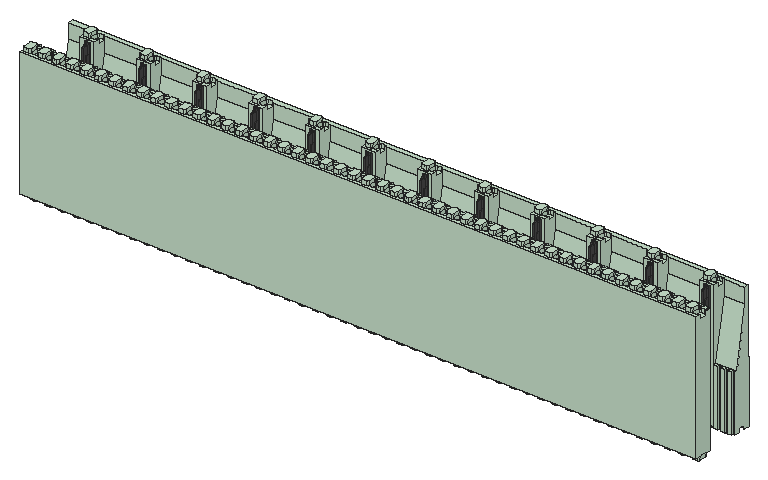
Revit family
Parameters (values of type "Standard 6" Form Unit")
  Core Thickness = 0' - 6"
Reference planes (in)
  plane 1 "Center (Front/Back)": y = 1
  plane 2: z = 0
  plane 3 "Center (Left/Right)": x = 0
  plane 4: x = 96
  plane 5: y = 3
  plane 6: y = -1
  plane 7: y = 5.625
  plane 8: y = -3.625
  plane 9: z = 18
  plane 10: z = 18.5
  plane 11: z = -0.5
Forms (in)
  Extrusion 1, solid, material "NUDURA Expanded Polystyrene Foam Insulation"
    sketch origin (0, 2, 0) x (1, 0, 0) y (0, 1, 0)
      loop
        line (0.28117, -3.25) -> (0, -3.25) -> (0, -5.625) -> (96, -5.625) -> (96, -3.25) -> (95.71883, -3.25) -> (95.78117, -3) -> (95.21883, -3) -> (95.28117, -3.25) -> (94.71883, -3.25) -> (94.78117, -3) -> (94.21883, -3) -> (94.28117, -3.25) -> (93.71883, -3.25) -> (93.78117, -3) -> (93.21883, -3) -> (93.28117, -3.25) -> (90.71883, -3.25) -> (90.78117, -3) -> (90.21883, -3) -> (90.28117, -3.25) -> (89.71883, -3.25) -> (89.78117, -3) -> (89.21883, -3) -> (89.28117, -3.25) -> (88.71883, -3.25) -> (88.78117, -3) -> (88.21883, -3) -> (88.28117, -3.25) -> (87.71883, -3.25) -> (87.78117, -3) -> (87.21883, -3) -> (87.28117, -3.25) -> (86.71883, -3.25) -> (86.78117, -3) -> (86.21883, -3) -> (86.28117, -3.25) -> (85.71883, -3.25) -> (85.78117, -3) -> (85.21883, -3) -> (85.28117, -3.25) -> (82.71883, -3.25) -> (82.78117, -3) -> (82.21883, -3) -> (82.28117, -3.25) -> (81.71883, -3.25) -> (81.78117, -3) -> (81.21883, -3) -> (81.28117, -3.25) -> (80.71883, -3.25) -> (80.78117, -3) -> (80.21883, -3) -> (80.28117, -3.25) -> (79.71883, -3.25) -> (79.78117, -3) -> (79.21883, -3) -> (79.28117, -3.25) -> (78.71883, -3.25) -> (78.78117, -3) -> (78.21883, -3) -> (78.28117, -3.25) -> (77.71883, -3.25) -> (77.78117, -3) -> (77.21883, -3) -> (77.28117, -3.25) -> (74.71883, -3.25) -> (74.78117, -3) -> (74.21883, -3) -> (74.28117, -3.25) -> (73.71883, -3.25) -> (73.78117, -3) -> (73.21883, -3) -> (73.28117, -3.25) -> (72.71883, -3.25) -> (72.78117, -3) -> (72.21883, -3) -> (72.28117, -3.25) -> (71.71883, -3.25) -> (71.78117, -3) -> (71.21883, -3) -> (71.28117, -3.25) -> (70.71883, -3.25) -> (70.78117, -3) -> (70.21883, -3) -> (70.28117, -3.25) -> (69.71883, -3.25) -> (69.78117, -3) -> (69.21883, -3) -> (69.28117, -3.25) -> (66.71883, -3.25) -> (66.78117, -3) -> (66.21883, -3) -> (66.28117, -3.25) -> (65.71883, -3.25) -> (65.78117, -3) -> (65.21883, -3) -> (65.28117, -3.25) -> (64.71883, -3.25) -> (64.78117, -3) -> (64.21883, -3) -> (64.28117, -3.25) -> (63.71883, -3.25) -> (63.78117, -3) -> (63.21883, -3) -> (63.28117, -3.25) -> (62.71883, -3.25) -> (62.78117, -3) -> (62.21883, -3) -> (62.28117, -3.25) -> (61.71883, -3.25) -> (61.78117, -3) -> (61.21883, -3) -> (61.28117, -3.25) -> (58.71883, -3.25) -> (58.78117, -3) -> (58.21883, -3) -> (58.28117, -3.25) -> (57.71883, -3.25) -> (57.78117, -3) -> (57.21883, -3) -> (57.28117, -3.25) -> (56.71883, -3.25) -> (56.78117, -3) -> (56.21883, -3) -> (56.28117, -3.25) -> (55.71883, -3.25) -> (55.78117, -3) -> (55.21883, -3) -> (55.28117, -3.25) -> (54.71883, -3.25) -> (54.78117, -3) -> (54.21883, -3) -> (54.28117, -3.25) -> (53.71883, -3.25) -> (53.78117, -3) -> (53.21883, -3) -> (53.28117, -3.25) -> (50.71883, -3.25) -> (50.78117, -3) -> (50.21883, -3) -> (50.28117, -3.25) -> (49.71883, -3.25) -> (49.78117, -3) -> (49.21883, -3) -> (49.28117, -3.25) -> (48.71883, -3.25) -> (48.78117, -3) -> (48.21883, -3) -> (48.28117, -3.25) -> (47.71883, -3.25) -> (47.78117, -3) -> (47.21883, -3) -> (47.28117, -3.25) -> (46.71883, -3.25) -> (46.78117, -3) -> (46.21883, -3) -> (46.28117, -3.25) -> (45.71883, -3.25) -> (45.78117, -3) -> (45.21883, -3) -> (45.28117, -3.25) -> (42.71883, -3.25) -> (42.78117, -3) -> (42.21883, -3) -> (42.28117, -3.25) -> (41.71883, -3.25) -> (41.78117, -3) -> (41.21883, -3) -> (41.28117, -3.25) -> (40.71883, -3.25) -> (40.78117, -3) -> (40.21883, -3) -> (40.28117, -3.25) -> (39.71883, -3.25) -> (39.78117, -3) -> (39.21883, -3) -> (39.28117, -3.25) -> (38.71883, -3.25) -> (38.78117, -3) -> (38.21883, -3) -> (38.28117, -3.25) -> (37.71883, -3.25) -> (37.78117, -3) -> (37.21883, -3) -> (37.28117, -3.25) -> (34.71883, -3.25) -> (34.78117, -3) -> (34.21883, -3) -> (34.28117, -3.25) -> (33.71883, -3.25) -> (33.78117, -3) -> (33.21883, -3) -> (33.28117, -3.25) -> (32.71883, -3.25) -> (32.78117, -3) -> (32.21883, -3) -> (32.28117, -3.25) -> (31.71883, -3.25) -> (31.78117, -3) -> (31.21883, -3) -> (31.28117, -3.25) -> (30.71883, -3.25) -> (30.78117, -3) -> (30.21883, -3) -> (30.28117, -3.25) -> (29.71883, -3.25) -> (29.78117, -3) -> (29.21883, -3) -> (29.28117, -3.25) -> (26.71883, -3.25) -> (26.78117, -3) -> (26.21883, -3) -> (26.28117, -3.25) -> (25.71883, -3.25) -> (25.78117, -3) -> (25.21883, -3) -> (25.28117, -3.25) -> (24.71883, -3.25) -> (24.78117, -3) -> (24.21883, -3) -> (24.28117, -3.25) -> (23.71883, -3.25) -> (23.78117, -3) -> (23.21883, -3) -> (23.28117, -3.25) -> (22.71883, -3.25) -> (22.78117, -3) -> (22.21883, -3) -> (22.28117, -3.25) -> (21.71883, -3.25) -> (21.78117, -3) -> (21.21883, -3) -> (21.28117, -3.25) -> (18.71883, -3.25) -> (18.78117, -3) -> (18.21883, -3) -> (18.28117, -3.25) -> (17.71883, -3.25) -> (17.78117, -3) -> (17.21883, -3) -> (17.28117, -3.25) -> (16.71883, -3.25) -> (16.78117, -3) -> (16.21883, -3) -> (16.28117, -3.25) -> (15.71883, -3.25) -> (15.78117, -3) -> (15.21883, -3) -> (15.28117, -3.25) -> (14.71883, -3.25) -> (14.78117, -3) -> (14.21883, -3) -> (14.28117, -3.25) -> (13.71883, -3.25) -> (13.78117, -3) -> (13.21883, -3) -> (13.28117, -3.25) -> (10.71883, -3.25) -> (10.78117, -3) -> (10.21883, -3) -> (10.28117, -3.25) -> (9.71883, -3.25) -> (9.78117, -3) -> (9.21883, -3) -> (9.28117, -3.25) -> (8.71883, -3.25) -> (8.78117, -3) -> (8.21883, -3) -> (8.28117, -3.25) -> (7.71883, -3.25) -> (7.78117, -3) -> (7.21883, -3) -> (7.28117, -3.25) -> (6.71883, -3.25) -> (6.78117, -3) -> (6.21883, -3) -> (6.28117, -3.25) -> (5.71883, -3.25) -> (5.78117, -3) -> (5.21883, -3) -> (5.28117, -3.25) -> (2.71883, -3.25) -> (2.78117, -3) -> (2.21883, -3) -> (2.28117, -3.25) -> (1.71883, -3.25) -> (1.78117, -3) -> (1.21883, -3) -> (1.28117, -3.25) -> (0.71883, -3.25) -> (0.78117, -3) -> (0.21883, -3) -> (0.28117, -3.25)
    from 0 to 18
  Extrusion 2, void
    sketch origin (0, 2, 0) x (1, 0, 0) y (0, 1, 0)
      loop
        arc (1, -4.89808) -> (1.04785, -5.04517) -> (1.17308, -5.13595) r 0.25
        arc (1.17308, -5.13595) -> (1.5, -5.1875) -> (1.82692, -5.13595) r 1.0625
        arc (1.82692, -5.13595) -> (1.95215, -5.04517) -> (2, -4.89808) r 0.25
        line (2, -4.89808) -> (2, -3.97692)
        arc (2, -3.97692) -> (1.98276, -3.88568) -> (1.9334, -3.80702) r 0.25
        arc (1.9334, -3.80702) -> (1.92106, -3.78736) -> (1.91675, -3.76455) r 0.0625
        line (1.91675, -3.76455) -> (1.91675, -3.41845) -> (1.74592, -3.41845) -> (1.74592, -3.64005)
        arc (1.74592, -3.64005) -> (1.72385, -3.68771) -> (1.67323, -3.70172) r 0.0625
        arc (1.67323, -3.70172) -> (1.42092, -3.69045) -> (1.17308, -3.73905) r 1.0625
        arc (1.17308, -3.73905) -> (1.04785, -3.82983) -> (1, -3.97692) r 0.25
        line (1, -3.97692) -> (1, -4.89808)
    from 18 to 17.5
  Extrusion 3, void
    sketch origin (2, 2, 0) x (1, 0, 0) y (0, 1, 0)
      loop
        arc (1, -4.89808) -> (1.04785, -5.04517) -> (1.17308, -5.13595) r 0.25
        arc (1.17308, -5.13595) -> (1.5, -5.1875) -> (1.82692, -5.13595) r 1.0625
        arc (1.82692, -5.13595) -> (1.95215, -5.04517) -> (2, -4.89808) r 0.25
        line (2, -4.89808) -> (2, -3.97692)
        arc (2, -3.97692) -> (1.98276, -3.88568) -> (1.9334, -3.80702) r 0.25
        arc (1.9334, -3.80702) -> (1.92106, -3.78736) -> (1.91675, -3.76455) r 0.0625
        line (1.91675, -3.76455) -> (1.91675, -3.41845) -> (1.74592, -3.41845) -> (1.74592, -3.64005)
        arc (1.74592, -3.64005) -> (1.72385, -3.68771) -> (1.67323, -3.70172) r 0.0625
        arc (1.67323, -3.70172) -> (1.42092, -3.69045) -> (1.17308, -3.73905) r 1.0625
        arc (1.17308, -3.73905) -> (1.04785, -3.82983) -> (1, -3.97692) r 0.25
        line (1, -3.97692) -> (1, -4.89808)
    from 18 to 17.5
  Extrusion 4, void
    sketch origin (4, 2, 0) x (1, 0, 0) y (0, 1, 0)
      loop
        arc (1, -4.89808) -> (1.04785, -5.04517) -> (1.17308, -5.13595) r 0.25
        arc (1.17308, -5.13595) -> (1.5, -5.1875) -> (1.82692, -5.13595) r 1.0625
        arc (1.82692, -5.13595) -> (1.95215, -5.04517) -> (2, -4.89808) r 0.25
        line (2, -4.89808) -> (2, -3.97692)
        arc (2, -3.97692) -> (1.98276, -3.88568) -> (1.9334, -3.80702) r 0.25
        arc (1.9334, -3.80702) -> (1.92106, -3.78736) -> (1.91675, -3.76455) r 0.0625
        line (1.91675, -3.76455) -> (1.91675, -3.41845) -> (1.74592, -3.41845) -> (1.74592, -3.64005)
        arc (1.74592, -3.64005) -> (1.72385, -3.68771) -> (1.67323, -3.70172) r 0.0625
        arc (1.67323, -3.70172) -> (1.42092, -3.69045) -> (1.17308, -3.73905) r 1.0625
        arc (1.17308, -3.73905) -> (1.04785, -3.82983) -> (1, -3.97692) r 0.25
        line (1, -3.97692) -> (1, -4.89808)
    from 18 to 17.5
  Extrusion 5, void
    sketch origin (6, 2, 0) x (1, 0, 0) y (0, 1, 0)
      loop
        arc (1, -4.89808) -> (1.04785, -5.04517) -> (1.17308, -5.13595) r 0.25
        arc (1.17308, -5.13595) -> (1.5, -5.1875) -> (1.82692, -5.13595) r 1.0625
        arc (1.82692, -5.13595) -> (1.95215, -5.04517) -> (2, -4.89808) r 0.25
        line (2, -4.89808) -> (2, -3.97692)
        arc (2, -3.97692) -> (1.98276, -3.88568) -> (1.9334, -3.80702) r 0.25
        arc (1.9334, -3.80702) -> (1.92106, -3.78736) -> (1.91675, -3.76455) r 0.0625
        line (1.91675, -3.76455) -> (1.91675, -3.41845) -> (1.74592, -3.41845) -> (1.74592, -3.64005)
        arc (1.74592, -3.64005) -> (1.72385, -3.68771) -> (1.67323, -3.70172) r 0.0625
        arc (1.67323, -3.70172) -> (1.42092, -3.69045) -> (1.17308, -3.73905) r 1.0625
        arc (1.17308, -3.73905) -> (1.04785, -3.82983) -> (1, -3.97692) r 0.25
        line (1, -3.97692) -> (1, -4.89808)
    from 18 to 17.5
  Extrusion 6, void
    sketch origin (8, 2, 0) x (1, 0, 0) y (0, 1, 0)
      loop
        arc (1, -4.89808) -> (1.04785, -5.04517) -> (1.17308, -5.13595) r 0.25
        arc (1.17308, -5.13595) -> (1.5, -5.1875) -> (1.82692, -5.13595) r 1.0625
        arc (1.82692, -5.13595) -> (1.95215, -5.04517) -> (2, -4.89808) r 0.25
        line (2, -4.89808) -> (2, -3.97692)
        arc (2, -3.97692) -> (1.98276, -3.88568) -> (1.9334, -3.80702) r 0.25
        arc (1.9334, -3.80702) -> (1.92106, -3.78736) -> (1.91675, -3.76455) r 0.0625
        line (1.91675, -3.76455) -> (1.91675, -3.41845) -> (1.74592, -3.41845) -> (1.74592, -3.64005)
        arc (1.74592, -3.64005) -> (1.72385, -3.68771) -> (1.67323, -3.70172) r 0.0625
        arc (1.67323, -3.70172) -> (1.42092, -3.69045) -> (1.17308, -3.73905) r 1.0625
        arc (1.17308, -3.73905) -> (1.04785, -3.82983) -> (1, -3.97692) r 0.25
        line (1, -3.97692) -> (1, -4.89808)
    from 18 to 17.5
  Extrusion 7, void
    sketch origin (10, 2, 0) x (1, 0, 0) y (0, 1, 0)
      loop
        arc (1, -4.89808) -> (1.04785, -5.04517) -> (1.17308, -5.13595) r 0.25
        arc (1.17308, -5.13595) -> (1.5, -5.1875) -> (1.82692, -5.13595) r 1.0625
        arc (1.82692, -5.13595) -> (1.95215, -5.04517) -> (2, -4.89808) r 0.25
        line (2, -4.89808) -> (2, -3.97692)
        arc (2, -3.97692) -> (1.98276, -3.88568) -> (1.9334, -3.80702) r 0.25
        arc (1.9334, -3.80702) -> (1.92106, -3.78736) -> (1.91675, -3.76455) r 0.0625
        line (1.91675, -3.76455) -> (1.91675, -3.41845) -> (1.74592, -3.41845) -> (1.74592, -3.64005)
        arc (1.74592, -3.64005) -> (1.72385, -3.68771) -> (1.67323, -3.70172) r 0.0625
        arc (1.67323, -3.70172) -> (1.42092, -3.69045) -> (1.17308, -3.73905) r 1.0625
        arc (1.17308, -3.73905) -> (1.04785, -3.82983) -> (1, -3.97692) r 0.25
        line (1, -3.97692) -> (1, -4.89808)
    from 18 to 17.5
  Extrusion 8, void
    sketch origin (12, 2, 0) x (1, 0, 0) y (0, 1, 0)
      loop
        arc (1, -4.89808) -> (1.04785, -5.04517) -> (1.17308, -5.13595) r 0.25
        arc (1.17308, -5.13595) -> (1.5, -5.1875) -> (1.82692, -5.13595) r 1.0625
        arc (1.82692, -5.13595) -> (1.95215, -5.04517) -> (2, -4.89808) r 0.25
        line (2, -4.89808) -> (2, -3.97692)
        arc (2, -3.97692) -> (1.98276, -3.88568) -> (1.9334, -3.80702) r 0.25
        arc (1.9334, -3.80702) -> (1.92106, -3.78736) -> (1.91675, -3.76455) r 0.0625
        line (1.91675, -3.76455) -> (1.91675, -3.41845) -> (1.74592, -3.41845) -> (1.74592, -3.64005)
        arc (1.74592, -3.64005) -> (1.72385, -3.68771) -> (1.67323, -3.70172) r 0.0625
        arc (1.67323, -3.70172) -> (1.42092, -3.69045) -> (1.17308, -3.73905) r 1.0625
        arc (1.17308, -3.73905) -> (1.04785, -3.82983) -> (1, -3.97692) r 0.25
        line (1, -3.97692) -> (1, -4.89808)
    from 18 to 17.5
  Extrusion 9, void
    sketch origin (14, 2, 0) x (1, 0, 0) y (0, 1, 0)
      loop
        arc (1, -4.89808) -> (1.04785, -5.04517) -> (1.17308, -5.13595) r 0.25
        arc (1.17308, -5.13595) -> (1.5, -5.1875) -> (1.82692, -5.13595) r 1.0625
        arc (1.82692, -5.13595) -> (1.95215, -5.04517) -> (2, -4.89808) r 0.25
        line (2, -4.89808) -> (2, -3.97692)
        arc (2, -3.97692) -> (1.98276, -3.88568) -> (1.9334, -3.80702) r 0.25
        arc (1.9334, -3.80702) -> (1.92106, -3.78736) -> (1.91675, -3.76455) r 0.0625
        line (1.91675, -3.76455) -> (1.91675, -3.41845) -> (1.74592, -3.41845) -> (1.74592, -3.64005)
        arc (1.74592, -3.64005) -> (1.72385, -3.68771) -> (1.67323, -3.70172) r 0.0625
        arc (1.67323, -3.70172) -> (1.42092, -3.69045) -> (1.17308, -3.73905) r 1.0625
        arc (1.17308, -3.73905) -> (1.04785, -3.82983) -> (1, -3.97692) r 0.25
        line (1, -3.97692) -> (1, -4.89808)
    from 18 to 17.5
  Extrusion 10, void
    sketch origin (16, 2, 0) x (1, 0, 0) y (0, 1, 0)
      loop
        arc (1, -4.89808) -> (1.04785, -5.04517) -> (1.17308, -5.13595) r 0.25
        arc (1.17308, -5.13595) -> (1.5, -5.1875) -> (1.82692, -5.13595) r 1.0625
        arc (1.82692, -5.13595) -> (1.95215, -5.04517) -> (2, -4.89808) r 0.25
        line (2, -4.89808) -> (2, -3.97692)
        arc (2, -3.97692) -> (1.98276, -3.88568) -> (1.9334, -3.80702) r 0.25
        arc (1.9334, -3.80702) -> (1.92106, -3.78736) -> (1.91675, -3.76455) r 0.0625
        line (1.91675, -3.76455) -> (1.91675, -3.41845) -> (1.74592, -3.41845) -> (1.74592, -3.64005)
        arc (1.74592, -3.64005) -> (1.72385, -3.68771) -> (1.67323, -3.70172) r 0.0625
        arc (1.67323, -3.70172) -> (1.42092, -3.69045) -> (1.17308, -3.73905) r 1.0625
        arc (1.17308, -3.73905) -> (1.04785, -3.82983) -> (1, -3.97692) r 0.25
        line (1, -3.97692) -> (1, -4.89808)
    from 18 to 17.5
  Extrusion 11, void
    sketch origin (18, 2, 0) x (1, 0, 0) y (0, 1, 0)
      loop
        arc (1, -4.89808) -> (1.04785, -5.04517) -> (1.17308, -5.13595) r 0.25
        arc (1.17308, -5.13595) -> (1.5, -5.1875) -> (1.82692, -5.13595) r 1.0625
        arc (1.82692, -5.13595) -> (1.95215, -5.04517) -> (2, -4.89808) r 0.25
        line (2, -4.89808) -> (2, -3.97692)
        arc (2, -3.97692) -> (1.98276, -3.88568) -> (1.9334, -3.80702) r 0.25
        arc (1.9334, -3.80702) -> (1.92106, -3.78736) -> (1.91675, -3.76455) r 0.0625
        line (1.91675, -3.76455) -> (1.91675, -3.41845) -> (1.74592, -3.41845) -> (1.74592, -3.64005)
        arc (1.74592, -3.64005) -> (1.72385, -3.68771) -> (1.67323, -3.70172) r 0.0625
        arc (1.67323, -3.70172) -> (1.42092, -3.69045) -> (1.17308, -3.73905) r 1.0625
        arc (1.17308, -3.73905) -> (1.04785, -3.82983) -> (1, -3.97692) r 0.25
        line (1, -3.97692) -> (1, -4.89808)
    from 18 to 17.5
  Extrusion 12, void
    sketch origin (20, 2, 0) x (1, 0, 0) y (0, 1, 0)
      loop
        arc (1, -4.89808) -> (1.04785, -5.04517) -> (1.17308, -5.13595) r 0.25
        arc (1.17308, -5.13595) -> (1.5, -5.1875) -> (1.82692, -5.13595) r 1.0625
        arc (1.82692, -5.13595) -> (1.95215, -5.04517) -> (2, -4.89808) r 0.25
        line (2, -4.89808) -> (2, -3.97692)
        arc (2, -3.97692) -> (1.98276, -3.88568) -> (1.9334, -3.80702) r 0.25
        arc (1.9334, -3.80702) -> (1.92106, -3.78736) -> (1.91675, -3.76455) r 0.0625
        line (1.91675, -3.76455) -> (1.91675, -3.41845) -> (1.74592, -3.41845) -> (1.74592, -3.64005)
        arc (1.74592, -3.64005) -> (1.72385, -3.68771) -> (1.67323, -3.70172) r 0.0625
        arc (1.67323, -3.70172) -> (1.42092, -3.69045) -> (1.17308, -3.73905) r 1.0625
        arc (1.17308, -3.73905) -> (1.04785, -3.82983) -> (1, -3.97692) r 0.25
        line (1, -3.97692) -> (1, -4.89808)
    from 18 to 17.5
  Extrusion 13, void
    sketch origin (22, 2, 0) x (1, 0, 0) y (0, 1, 0)
      loop
        arc (1, -4.89808) -> (1.04785, -5.04517) -> (1.17308, -5.13595) r 0.25
        arc (1.17308, -5.13595) -> (1.5, -5.1875) -> (1.82692, -5.13595) r 1.0625
        arc (1.82692, -5.13595) -> (1.95215, -5.04517) -> (2, -4.89808) r 0.25
        line (2, -4.89808) -> (2, -3.97692)
        arc (2, -3.97692) -> (1.98276, -3.88568) -> (1.9334, -3.80702) r 0.25
        arc (1.9334, -3.80702) -> (1.92106, -3.78736) -> (1.91675, -3.76455) r 0.0625
        line (1.91675, -3.76455) -> (1.91675, -3.41845) -> (1.74592, -3.41845) -> (1.74592, -3.64005)
        arc (1.74592, -3.64005) -> (1.72385, -3.68771) -> (1.67323, -3.70172) r 0.0625
        arc (1.67323, -3.70172) -> (1.42092, -3.69045) -> (1.17308, -3.73905) r 1.0625
        arc (1.17308, -3.73905) -> (1.04785, -3.82983) -> (1, -3.97692) r 0.25
        line (1, -3.97692) -> (1, -4.89808)
    from 18 to 17.5
  Extrusion 14, void
    sketch origin (24, 2, 0) x (1, 0, 0) y (0, 1, 0)
      loop
        arc (1, -4.89808) -> (1.04785, -5.04517) -> (1.17308, -5.13595) r 0.25
        arc (1.17308, -5.13595) -> (1.5, -5.1875) -> (1.82692, -5.13595) r 1.0625
        arc (1.82692, -5.13595) -> (1.95215, -5.04517) -> (2, -4.89808) r 0.25
        line (2, -4.89808) -> (2, -3.97692)
        arc (2, -3.97692) -> (1.98276, -3.88568) -> (1.9334, -3.80702) r 0.25
        arc (1.9334, -3.80702) -> (1.92106, -3.78736) -> (1.91675, -3.76455) r 0.0625
        line (1.91675, -3.76455) -> (1.91675, -3.41845) -> (1.74592, -3.41845) -> (1.74592, -3.64005)
        arc (1.74592, -3.64005) -> (1.72385, -3.68771) -> (1.67323, -3.70172) r 0.0625
        arc (1.67323, -3.70172) -> (1.42092, -3.69045) -> (1.17308, -3.73905) r 1.0625
        arc (1.17308, -3.73905) -> (1.04785, -3.82983) -> (1, -3.97692) r 0.25
        line (1, -3.97692) -> (1, -4.89808)
    from 18 to 17.5
  Extrusion 15, void
    sketch origin (26, 2, 0) x (1, 0, 0) y (0, 1, 0)
      loop
        arc (1, -4.89808) -> (1.04785, -5.04517) -> (1.17308, -5.13595) r 0.25
        arc (1.17308, -5.13595) -> (1.5, -5.1875) -> (1.82692, -5.13595) r 1.0625
        arc (1.82692, -5.13595) -> (1.95215, -5.04517) -> (2, -4.89808) r 0.25
        line (2, -4.89808) -> (2, -3.97692)
        arc (2, -3.97692) -> (1.98276, -3.88568) -> (1.9334, -3.80702) r 0.25
        arc (1.9334, -3.80702) -> (1.92106, -3.78736) -> (1.91675, -3.76455) r 0.0625
        line (1.91675, -3.76455) -> (1.91675, -3.41845) -> (1.74592, -3.41845) -> (1.74592, -3.64005)
        arc (1.74592, -3.64005) -> (1.72385, -3.68771) -> (1.67323, -3.70172) r 0.0625
        arc (1.67323, -3.70172) -> (1.42092, -3.69045) -> (1.17308, -3.73905) r 1.0625
        arc (1.17308, -3.73905) -> (1.04785, -3.82983) -> (1, -3.97692) r 0.25
        line (1, -3.97692) -> (1, -4.89808)
    from 18 to 17.5
  Extrusion 16, void
    sketch origin (28, 2, 0) x (1, 0, 0) y (0, 1, 0)
      loop
        arc (1, -4.89808) -> (1.04785, -5.04517) -> (1.17308, -5.13595) r 0.25
        arc (1.17308, -5.13595) -> (1.5, -5.1875) -> (1.82692, -5.13595) r 1.0625
        arc (1.82692, -5.13595) -> (1.95215, -5.04517) -> (2, -4.89808) r 0.25
        line (2, -4.89808) -> (2, -3.97692)
        arc (2, -3.97692) -> (1.98276, -3.88568) -> (1.9334, -3.80702) r 0.25
        arc (1.9334, -3.80702) -> (1.92106, -3.78736) -> (1.91675, -3.76455) r 0.0625
        line (1.91675, -3.76455) -> (1.91675, -3.41845) -> (1.74592, -3.41845) -> (1.74592, -3.64005)
        arc (1.74592, -3.64005) -> (1.72385, -3.68771) -> (1.67323, -3.70172) r 0.0625
        arc (1.67323, -3.70172) -> (1.42092, -3.69045) -> (1.17308, -3.73905) r 1.0625
        arc (1.17308, -3.73905) -> (1.04785, -3.82983) -> (1, -3.97692) r 0.25
        line (1, -3.97692) -> (1, -4.89808)
    from 18 to 17.5
  Extrusion 17, void
    sketch origin (30, 2, 0) x (1, 0, 0) y (0, 1, 0)
      loop
        arc (1, -4.89808) -> (1.04785, -5.04517) -> (1.17308, -5.13595) r 0.25
        arc (1.17308, -5.13595) -> (1.5, -5.1875) -> (1.82692, -5.13595) r 1.0625
        arc (1.82692, -5.13595) -> (1.95215, -5.04517) -> (2, -4.89808) r 0.25
        line (2, -4.89808) -> (2, -3.97692)
        arc (2, -3.97692) -> (1.98276, -3.88568) -> (1.9334, -3.80702) r 0.25
        arc (1.9334, -3.80702) -> (1.92106, -3.78736) -> (1.91675, -3.76455) r 0.0625
        line (1.91675, -3.76455) -> (1.91675, -3.41845) -> (1.74592, -3.41845) -> (1.74592, -3.64005)
        arc (1.74592, -3.64005) -> (1.72385, -3.68771) -> (1.67323, -3.70172) r 0.0625
        arc (1.67323, -3.70172) -> (1.42092, -3.69045) -> (1.17308, -3.73905) r 1.0625
        arc (1.17308, -3.73905) -> (1.04785, -3.82983) -> (1, -3.97692) r 0.25
        line (1, -3.97692) -> (1, -4.89808)
    from 18 to 17.5
  Extrusion 18, void
    sketch origin (32, 2, 0) x (1, 0, 0) y (0, 1, 0)
      loop
        arc (1, -4.89808) -> (1.04785, -5.04517) -> (1.17308, -5.13595) r 0.25
        arc (1.17308, -5.13595) -> (1.5, -5.1875) -> (1.82692, -5.13595) r 1.0625
        arc (1.82692, -5.13595) -> (1.95215, -5.04517) -> (2, -4.89808) r 0.25
        line (2, -4.89808) -> (2, -3.97692)
        arc (2, -3.97692) -> (1.98276, -3.88568) -> (1.9334, -3.80702) r 0.25
        arc (1.9334, -3.80702) -> (1.92106, -3.78736) -> (1.91675, -3.76455) r 0.0625
        line (1.91675, -3.76455) -> (1.91675, -3.41845) -> (1.74592, -3.41845) -> (1.74592, -3.64005)
        arc (1.74592, -3.64005) -> (1.72385, -3.68771) -> (1.67323, -3.70172) r 0.0625
        arc (1.67323, -3.70172) -> (1.42092, -3.69045) -> (1.17308, -3.73905) r 1.0625
        arc (1.17308, -3.73905) -> (1.04785, -3.82983) -> (1, -3.97692) r 0.25
        line (1, -3.97692) -> (1, -4.89808)
    from 18 to 17.5
  Extrusion 19, void
    sketch origin (34, 2, 0) x (1, 0, 0) y (0, 1, 0)
      loop
        arc (1, -4.89808) -> (1.04785, -5.04517) -> (1.17308, -5.13595) r 0.25
        arc (1.17308, -5.13595) -> (1.5, -5.1875) -> (1.82692, -5.13595) r 1.0625
        arc (1.82692, -5.13595) -> (1.95215, -5.04517) -> (2, -4.89808) r 0.25
        line (2, -4.89808) -> (2, -3.97692)
        arc (2, -3.97692) -> (1.98276, -3.88568) -> (1.9334, -3.80702) r 0.25
        arc (1.9334, -3.80702) -> (1.92106, -3.78736) -> (1.91675, -3.76455) r 0.0625
        line (1.91675, -3.76455) -> (1.91675, -3.41845) -> (1.74592, -3.41845) -> (1.74592, -3.64005)
        arc (1.74592, -3.64005) -> (1.72385, -3.68771) -> (1.67323, -3.70172) r 0.0625
        arc (1.67323, -3.70172) -> (1.42092, -3.69045) -> (1.17308, -3.73905) r 1.0625
        arc (1.17308, -3.73905) -> (1.04785, -3.82983) -> (1, -3.97692) r 0.25
        line (1, -3.97692) -> (1, -4.89808)
    from 18 to 17.5
  Extrusion 20, void
    sketch origin (36, 2, 0) x (1, 0, 0) y (0, 1, 0)
      loop
        arc (1, -4.89808) -> (1.04785, -5.04517) -> (1.17308, -5.13595) r 0.25
        arc (1.17308, -5.13595) -> (1.5, -5.1875) -> (1.82692, -5.13595) r 1.0625
        arc (1.82692, -5.13595) -> (1.95215, -5.04517) -> (2, -4.89808) r 0.25
        line (2, -4.89808) -> (2, -3.97692)
        arc (2, -3.97692) -> (1.98276, -3.88568) -> (1.9334, -3.80702) r 0.25
        arc (1.9334, -3.80702) -> (1.92106, -3.78736) -> (1.91675, -3.76455) r 0.0625
        line (1.91675, -3.76455) -> (1.91675, -3.41845) -> (1.74592, -3.41845) -> (1.74592, -3.64005)
        arc (1.74592, -3.64005) -> (1.72385, -3.68771) -> (1.67323, -3.70172) r 0.0625
        arc (1.67323, -3.70172) -> (1.42092, -3.69045) -> (1.17308, -3.73905) r 1.0625
        arc (1.17308, -3.73905) -> (1.04785, -3.82983) -> (1, -3.97692) r 0.25
        line (1, -3.97692) -> (1, -4.89808)
    from 18 to 17.5
  Extrusion 21, void
    sketch origin (38, 2, 0) x (1, 0, 0) y (0, 1, 0)
      loop
        arc (1, -4.89808) -> (1.04785, -5.04517) -> (1.17308, -5.13595) r 0.25
        arc (1.17308, -5.13595) -> (1.5, -5.1875) -> (1.82692, -5.13595) r 1.0625
        arc (1.82692, -5.13595) -> (1.95215, -5.04517) -> (2, -4.89808) r 0.25
        line (2, -4.89808) -> (2, -3.97692)
        arc (2, -3.97692) -> (1.98276, -3.88568) -> (1.9334, -3.80702) r 0.25
        arc (1.9334, -3.80702) -> (1.92106, -3.78736) -> (1.91675, -3.76455) r 0.0625
        line (1.91675, -3.76455) -> (1.91675, -3.41845) -> (1.74592, -3.41845) -> (1.74592, -3.64005)
        arc (1.74592, -3.64005) -> (1.72385, -3.68771) -> (1.67323, -3.70172) r 0.0625
        arc (1.67323, -3.70172) -> (1.42092, -3.69045) -> (1.17308, -3.73905) r 1.0625
        arc (1.17308, -3.73905) -> (1.04785, -3.82983) -> (1, -3.97692) r 0.25
        line (1, -3.97692) -> (1, -4.89808)
    from 18 to 17.5
  Extrusion 22, void
    sketch origin (40, 2, 0) x (1, 0, 0) y (0, 1, 0)
      loop
        arc (1, -4.89808) -> (1.04785, -5.04517) -> (1.17308, -5.13595) r 0.25
        arc (1.17308, -5.13595) -> (1.5, -5.1875) -> (1.82692, -5.13595) r 1.0625
        arc (1.82692, -5.13595) -> (1.95215, -5.04517) -> (2, -4.89808) r 0.25
        line (2, -4.89808) -> (2, -3.97692)
        arc (2, -3.97692) -> (1.98276, -3.88568) -> (1.9334, -3.80702) r 0.25
        arc (1.9334, -3.80702) -> (1.92106, -3.78736) -> (1.91675, -3.76455) r 0.0625
        line (1.91675, -3.76455) -> (1.91675, -3.41845) -> (1.74592, -3.41845) -> (1.74592, -3.64005)
        arc (1.74592, -3.64005) -> (1.72385, -3.68771) -> (1.67323, -3.70172) r 0.0625
        arc (1.67323, -3.70172) -> (1.42092, -3.69045) -> (1.17308, -3.73905) r 1.0625
        arc (1.17308, -3.73905) -> (1.04785, -3.82983) -> (1, -3.97692) r 0.25
        line (1, -3.97692) -> (1, -4.89808)
    from 18 to 17.5
  Extrusion 23, void
    sketch origin (42, 2, 0) x (1, 0, 0) y (0, 1, 0)
      loop
        arc (1, -4.89808) -> (1.04785, -5.04517) -> (1.17308, -5.13595) r 0.25
        arc (1.17308, -5.13595) -> (1.5, -5.1875) -> (1.82692, -5.13595) r 1.0625
        arc (1.82692, -5.13595) -> (1.95215, -5.04517) -> (2, -4.89808) r 0.25
        line (2, -4.89808) -> (2, -3.97692)
        arc (2, -3.97692) -> (1.98276, -3.88568) -> (1.9334, -3.80702) r 0.25
        arc (1.9334, -3.80702) -> (1.92106, -3.78736) -> (1.91675, -3.76455) r 0.0625
        line (1.91675, -3.76455) -> (1.91675, -3.41845) -> (1.74592, -3.41845) -> (1.74592, -3.64005)
        arc (1.74592, -3.64005) -> (1.72385, -3.68771) -> (1.67323, -3.70172) r 0.0625
        arc (1.67323, -3.70172) -> (1.42092, -3.69045) -> (1.17308, -3.73905) r 1.0625
        arc (1.17308, -3.73905) -> (1.04785, -3.82983) -> (1, -3.97692) r 0.25
        line (1, -3.97692) -> (1, -4.89808)
    from 18 to 17.5
  Extrusion 24, void
    sketch origin (44, 2, 0) x (1, 0, 0) y (0, 1, 0)
      loop
        arc (1, -4.89808) -> (1.04785, -5.04517) -> (1.17308, -5.13595) r 0.25
        arc (1.17308, -5.13595) -> (1.5, -5.1875) -> (1.82692, -5.13595) r 1.0625
        arc (1.82692, -5.13595) -> (1.95215, -5.04517) -> (2, -4.89808) r 0.25
        line (2, -4.89808) -> (2, -3.97692)
        arc (2, -3.97692) -> (1.98276, -3.88568) -> (1.9334, -3.80702) r 0.25
        arc (1.9334, -3.80702) -> (1.92106, -3.78736) -> (1.91675, -3.76455) r 0.0625
        line (1.91675, -3.76455) -> (1.91675, -3.41845) -> (1.74592, -3.41845) -> (1.74592, -3.64005)
        arc (1.74592, -3.64005) -> (1.72385, -3.68771) -> (1.67323, -3.70172) r 0.0625
        arc (1.67323, -3.70172) -> (1.42092, -3.69045) -> (1.17308, -3.73905) r 1.0625
        arc (1.17308, -3.73905) -> (1.04785, -3.82983) -> (1, -3.97692) r 0.25
        line (1, -3.97692) -> (1, -4.89808)
    from 18 to 17.5
  Extrusion 25, void
    sketch origin (46, 2, 0) x (1, 0, 0) y (0, 1, 0)
      loop
        arc (1, -4.89808) -> (1.04785, -5.04517) -> (1.17308, -5.13595) r 0.25
        arc (1.17308, -5.13595) -> (1.5, -5.1875) -> (1.82692, -5.13595) r 1.0625
        arc (1.82692, -5.13595) -> (1.95215, -5.04517) -> (2, -4.89808) r 0.25
        line (2, -4.89808) -> (2, -3.97692)
        arc (2, -3.97692) -> (1.98276, -3.88568) -> (1.9334, -3.80702) r 0.25
        arc (1.9334, -3.80702) -> (1.92106, -3.78736) -> (1.91675, -3.76455) r 0.0625
        line (1.91675, -3.76455) -> (1.91675, -3.41845) -> (1.74592, -3.41845) -> (1.74592, -3.64005)
        arc (1.74592, -3.64005) -> (1.72385, -3.68771) -> (1.67323, -3.70172) r 0.0625
        arc (1.67323, -3.70172) -> (1.42092, -3.69045) -> (1.17308, -3.73905) r 1.0625
        arc (1.17308, -3.73905) -> (1.04785, -3.82983) -> (1, -3.97692) r 0.25
        line (1, -3.97692) -> (1, -4.89808)
    from 18 to 17.5
  Extrusion 26, void
    sketch origin (48, 2, 0) x (1, 0, 0) y (0, 1, 0)
      loop
        arc (1, -4.89808) -> (1.04785, -5.04517) -> (1.17308, -5.13595) r 0.25
        arc (1.17308, -5.13595) -> (1.5, -5.1875) -> (1.82692, -5.13595) r 1.0625
        arc (1.82692, -5.13595) -> (1.95215, -5.04517) -> (2, -4.89808) r 0.25
        line (2, -4.89808) -> (2, -3.97692)
        arc (2, -3.97692) -> (1.98276, -3.88568) -> (1.9334, -3.80702) r 0.25
        arc (1.9334, -3.80702) -> (1.92106, -3.78736) -> (1.91675, -3.76455) r 0.0625
        line (1.91675, -3.76455) -> (1.91675, -3.41845) -> (1.74592, -3.41845) -> (1.74592, -3.64005)
        arc (1.74592, -3.64005) -> (1.72385, -3.68771) -> (1.67323, -3.70172) r 0.0625
        arc (1.67323, -3.70172) -> (1.42092, -3.69045) -> (1.17308, -3.73905) r 1.0625
        arc (1.17308, -3.73905) -> (1.04785, -3.82983) -> (1, -3.97692) r 0.25
        line (1, -3.97692) -> (1, -4.89808)
    from 18 to 17.5
  Extrusion 27, void
    sketch origin (50, 2, 0) x (1, 0, 0) y (0, 1, 0)
      loop
        arc (1, -4.89808) -> (1.04785, -5.04517) -> (1.17308, -5.13595) r 0.25
        arc (1.17308, -5.13595) -> (1.5, -5.1875) -> (1.82692, -5.13595) r 1.0625
        arc (1.82692, -5.13595) -> (1.95215, -5.04517) -> (2, -4.89808) r 0.25
        line (2, -4.89808) -> (2, -3.97692)
        arc (2, -3.97692) -> (1.98276, -3.88568) -> (1.9334, -3.80702) r 0.25
        arc (1.9334, -3.80702) -> (1.92106, -3.78736) -> (1.91675, -3.76455) r 0.0625
        line (1.91675, -3.76455) -> (1.91675, -3.41845) -> (1.74592, -3.41845) -> (1.74592, -3.64005)
        arc (1.74592, -3.64005) -> (1.72385, -3.68771) -> (1.67323, -3.70172) r 0.0625
        arc (1.67323, -3.70172) -> (1.42092, -3.69045) -> (1.17308, -3.73905) r 1.0625
        arc (1.17308, -3.73905) -> (1.04785, -3.82983) -> (1, -3.97692) r 0.25
        line (1, -3.97692) -> (1, -4.89808)
    from 18 to 17.5
  Extrusion 28, void
    sketch origin (52, 2, 0) x (1, 0, 0) y (0, 1, 0)
      loop
        arc (1, -4.89808) -> (1.04785, -5.04517) -> (1.17308, -5.13595) r 0.25
        arc (1.17308, -5.13595) -> (1.5, -5.1875) -> (1.82692, -5.13595) r 1.0625
        arc (1.82692, -5.13595) -> (1.95215, -5.04517) -> (2, -4.89808) r 0.25
        line (2, -4.89808) -> (2, -3.97692)
        arc (2, -3.97692) -> (1.98276, -3.88568) -> (1.9334, -3.80702) r 0.25
        arc (1.9334, -3.80702) -> (1.92106, -3.78736) -> (1.91675, -3.76455) r 0.0625
        line (1.91675, -3.76455) -> (1.91675, -3.41845) -> (1.74592, -3.41845) -> (1.74592, -3.64005)
        arc (1.74592, -3.64005) -> (1.72385, -3.68771) -> (1.67323, -3.70172) r 0.0625
        arc (1.67323, -3.70172) -> (1.42092, -3.69045) -> (1.17308, -3.73905) r 1.0625
        arc (1.17308, -3.73905) -> (1.04785, -3.82983) -> (1, -3.97692) r 0.25
        line (1, -3.97692) -> (1, -4.89808)
    from 18 to 17.5
  Extrusion 29, void
    sketch origin (54, 2, 0) x (1, 0, 0) y (0, 1, 0)
      loop
        arc (1, -4.89808) -> (1.04785, -5.04517) -> (1.17308, -5.13595) r 0.25
        arc (1.17308, -5.13595) -> (1.5, -5.1875) -> (1.82692, -5.13595) r 1.0625
        arc (1.82692, -5.13595) -> (1.95215, -5.04517) -> (2, -4.89808) r 0.25
        line (2, -4.89808) -> (2, -3.97692)
        arc (2, -3.97692) -> (1.98276, -3.88568) -> (1.9334, -3.80702) r 0.25
        arc (1.9334, -3.80702) -> (1.92106, -3.78736) -> (1.91675, -3.76455) r 0.0625
        line (1.91675, -3.76455) -> (1.91675, -3.41845) -> (1.74592, -3.41845) -> (1.74592, -3.64005)
        arc (1.74592, -3.64005) -> (1.72385, -3.68771) -> (1.67323, -3.70172) r 0.0625
        arc (1.67323, -3.70172) -> (1.42092, -3.69045) -> (1.17308, -3.73905) r 1.0625
        arc (1.17308, -3.73905) -> (1.04785, -3.82983) -> (1, -3.97692) r 0.25
        line (1, -3.97692) -> (1, -4.89808)
    from 18 to 17.5
  Extrusion 30, void
    sketch origin (56, 2, 0) x (1, 0, 0) y (0, 1, 0)
      loop
        arc (1, -4.89808) -> (1.04785, -5.04517) -> (1.17308, -5.13595) r 0.25
        arc (1.17308, -5.13595) -> (1.5, -5.1875) -> (1.82692, -5.13595) r 1.0625
        arc (1.82692, -5.13595) -> (1.95215, -5.04517) -> (2, -4.89808) r 0.25
        line (2, -4.89808) -> (2, -3.97692)
        arc (2, -3.97692) -> (1.98276, -3.88568) -> (1.9334, -3.80702) r 0.25
        arc (1.9334, -3.80702) -> (1.92106, -3.78736) -> (1.91675, -3.76455) r 0.0625
        line (1.91675, -3.76455) -> (1.91675, -3.41845) -> (1.74592, -3.41845) -> (1.74592, -3.64005)
        arc (1.74592, -3.64005) -> (1.72385, -3.68771) -> (1.67323, -3.70172) r 0.0625
        arc (1.67323, -3.70172) -> (1.42092, -3.69045) -> (1.17308, -3.73905) r 1.0625
        arc (1.17308, -3.73905) -> (1.04785, -3.82983) -> (1, -3.97692) r 0.25
        line (1, -3.97692) -> (1, -4.89808)
    from 18 to 17.5
  Extrusion 31, void
    sketch origin (58, 2, 0) x (1, 0, 0) y (0, 1, 0)
      loop
        arc (1, -4.89808) -> (1.04785, -5.04517) -> (1.17308, -5.13595) r 0.25
        arc (1.17308, -5.13595) -> (1.5, -5.1875) -> (1.82692, -5.13595) r 1.0625
        arc (1.82692, -5.13595) -> (1.95215, -5.04517) -> (2, -4.89808) r 0.25
        line (2, -4.89808) -> (2, -3.97692)
        arc (2, -3.97692) -> (1.98276, -3.88568) -> (1.9334, -3.80702) r 0.25
        arc (1.9334, -3.80702) -> (1.92106, -3.78736) -> (1.91675, -3.76455) r 0.0625
        line (1.91675, -3.76455) -> (1.91675, -3.41845) -> (1.74592, -3.41845) -> (1.74592, -3.64005)
        arc (1.74592, -3.64005) -> (1.72385, -3.68771) -> (1.67323, -3.70172) r 0.0625
        arc (1.67323, -3.70172) -> (1.42092, -3.69045) -> (1.17308, -3.73905) r 1.0625
        arc (1.17308, -3.73905) -> (1.04785, -3.82983) -> (1, -3.97692) r 0.25
        line (1, -3.97692) -> (1, -4.89808)
    from 18 to 17.5
  Extrusion 32, void
    sketch origin (60, 2, 0) x (1, 0, 0) y (0, 1, 0)
      loop
        arc (1, -4.89808) -> (1.04785, -5.04517) -> (1.17308, -5.13595) r 0.25
        arc (1.17308, -5.13595) -> (1.5, -5.1875) -> (1.82692, -5.13595) r 1.0625
        arc (1.82692, -5.13595) -> (1.95215, -5.04517) -> (2, -4.89808) r 0.25
        line (2, -4.89808) -> (2, -3.97692)
        arc (2, -3.97692) -> (1.98276, -3.88568) -> (1.9334, -3.80702) r 0.25
        arc (1.9334, -3.80702) -> (1.92106, -3.78736) -> (1.91675, -3.76455) r 0.0625
        line (1.91675, -3.76455) -> (1.91675, -3.41845) -> (1.74592, -3.41845) -> (1.74592, -3.64005)
        arc (1.74592, -3.64005) -> (1.72385, -3.68771) -> (1.67323, -3.70172) r 0.0625
        arc (1.67323, -3.70172) -> (1.42092, -3.69045) -> (1.17308, -3.73905) r 1.0625
        arc (1.17308, -3.73905) -> (1.04785, -3.82983) -> (1, -3.97692) r 0.25
        line (1, -3.97692) -> (1, -4.89808)
    from 18 to 17.5
  Extrusion 33, void
    sketch origin (62, 2, 0) x (1, 0, 0) y (0, 1, 0)
      loop
        arc (1, -4.89808) -> (1.04785, -5.04517) -> (1.17308, -5.13595) r 0.25
        arc (1.17308, -5.13595) -> (1.5, -5.1875) -> (1.82692, -5.13595) r 1.0625
        arc (1.82692, -5.13595) -> (1.95215, -5.04517) -> (2, -4.89808) r 0.25
        line (2, -4.89808) -> (2, -3.97692)
        arc (2, -3.97692) -> (1.98276, -3.88568) -> (1.9334, -3.80702) r 0.25
        arc (1.9334, -3.80702) -> (1.92106, -3.78736) -> (1.91675, -3.76455) r 0.0625
        line (1.91675, -3.76455) -> (1.91675, -3.41845) -> (1.74592, -3.41845) -> (1.74592, -3.64005)
        arc (1.74592, -3.64005) -> (1.72385, -3.68771) -> (1.67323, -3.70172) r 0.0625
        arc (1.67323, -3.70172) -> (1.42092, -3.69045) -> (1.17308, -3.73905) r 1.0625
        arc (1.17308, -3.73905) -> (1.04785, -3.82983) -> (1, -3.97692) r 0.25
        line (1, -3.97692) -> (1, -4.89808)
    from 18 to 17.5
  Extrusion 34, void
    sketch origin (64, 2, 0) x (1, 0, 0) y (0, 1, 0)
      loop
        arc (1, -4.89808) -> (1.04785, -5.04517) -> (1.17308, -5.13595) r 0.25
        arc (1.17308, -5.13595) -> (1.5, -5.1875) -> (1.82692, -5.13595) r 1.0625
        arc (1.82692, -5.13595) -> (1.95215, -5.04517) -> (2, -4.89808) r 0.25
        line (2, -4.89808) -> (2, -3.97692)
        arc (2, -3.97692) -> (1.98276, -3.88568) -> (1.9334, -3.80702) r 0.25
        arc (1.9334, -3.80702) -> (1.92106, -3.78736) -> (1.91675, -3.76455) r 0.0625
        line (1.91675, -3.76455) -> (1.91675, -3.41845) -> (1.74592, -3.41845) -> (1.74592, -3.64005)
        arc (1.74592, -3.64005) -> (1.72385, -3.68771) -> (1.67323, -3.70172) r 0.0625
        arc (1.67323, -3.70172) -> (1.42092, -3.69045) -> (1.17308, -3.73905) r 1.0625
        arc (1.17308, -3.73905) -> (1.04785, -3.82983) -> (1, -3.97692) r 0.25
        line (1, -3.97692) -> (1, -4.89808)
    from 18 to 17.5
  Extrusion 35, void
    sketch origin (66, 2, 0) x (1, 0, 0) y (0, 1, 0)
      loop
        arc (1, -4.89808) -> (1.04785, -5.04517) -> (1.17308, -5.13595) r 0.25
        arc (1.17308, -5.13595) -> (1.5, -5.1875) -> (1.82692, -5.13595) r 1.0625
        arc (1.82692, -5.13595) -> (1.95215, -5.04517) -> (2, -4.89808) r 0.25
        line (2, -4.89808) -> (2, -3.97692)
        arc (2, -3.97692) -> (1.98276, -3.88568) -> (1.9334, -3.80702) r 0.25
        arc (1.9334, -3.80702) -> (1.92106, -3.78736) -> (1.91675, -3.76455) r 0.0625
        line (1.91675, -3.76455) -> (1.91675, -3.41845) -> (1.74592, -3.41845) -> (1.74592, -3.64005)
        arc (1.74592, -3.64005) -> (1.72385, -3.68771) -> (1.67323, -3.70172) r 0.0625
        arc (1.67323, -3.70172) -> (1.42092, -3.69045) -> (1.17308, -3.73905) r 1.0625
        arc (1.17308, -3.73905) -> (1.04785, -3.82983) -> (1, -3.97692) r 0.25
        line (1, -3.97692) -> (1, -4.89808)
    from 18 to 17.5
  Extrusion 36, void
    sketch origin (68, 2, 0) x (1, 0, 0) y (0, 1, 0)
      loop
        arc (1, -4.89808) -> (1.04785, -5.04517) -> (1.17308, -5.13595) r 0.25
        arc (1.17308, -5.13595) -> (1.5, -5.1875) -> (1.82692, -5.13595) r 1.0625
        arc (1.82692, -5.13595) -> (1.95215, -5.04517) -> (2, -4.89808) r 0.25
        line (2, -4.89808) -> (2, -3.97692)
        arc (2, -3.97692) -> (1.98276, -3.88568) -> (1.9334, -3.80702) r 0.25
        arc (1.9334, -3.80702) -> (1.92106, -3.78736) -> (1.91675, -3.76455) r 0.0625
        line (1.91675, -3.76455) -> (1.91675, -3.41845) -> (1.74592, -3.41845) -> (1.74592, -3.64005)
        arc (1.74592, -3.64005) -> (1.72385, -3.68771) -> (1.67323, -3.70172) r 0.0625
        arc (1.67323, -3.70172) -> (1.42092, -3.69045) -> (1.17308, -3.73905) r 1.0625
        arc (1.17308, -3.73905) -> (1.04785, -3.82983) -> (1, -3.97692) r 0.25
        line (1, -3.97692) -> (1, -4.89808)
    from 18 to 17.5
  Extrusion 37, void
    sketch origin (70, 2, 0) x (1, 0, 0) y (0, 1, 0)
      loop
        arc (1, -4.89808) -> (1.04785, -5.04517) -> (1.17308, -5.13595) r 0.25
        arc (1.17308, -5.13595) -> (1.5, -5.1875) -> (1.82692, -5.13595) r 1.0625
        arc (1.82692, -5.13595) -> (1.95215, -5.04517) -> (2, -4.89808) r 0.25
        line (2, -4.89808) -> (2, -3.97692)
        arc (2, -3.97692) -> (1.98276, -3.88568) -> (1.9334, -3.80702) r 0.25
        arc (1.9334, -3.80702) -> (1.92106, -3.78736) -> (1.91675, -3.76455) r 0.0625
        line (1.91675, -3.76455) -> (1.91675, -3.41845) -> (1.74592, -3.41845) -> (1.74592, -3.64005)
        arc (1.74592, -3.64005) -> (1.72385, -3.68771) -> (1.67323, -3.70172) r 0.0625
        arc (1.67323, -3.70172) -> (1.42092, -3.69045) -> (1.17308, -3.73905) r 1.0625
        arc (1.17308, -3.73905) -> (1.04785, -3.82983) -> (1, -3.97692) r 0.25
        line (1, -3.97692) -> (1, -4.89808)
    from 18 to 17.5
  Extrusion 38, void
    sketch origin (72, 2, 0) x (1, 0, 0) y (0, 1, 0)
      loop
        arc (1, -4.89808) -> (1.04785, -5.04517) -> (1.17308, -5.13595) r 0.25
        arc (1.17308, -5.13595) -> (1.5, -5.1875) -> (1.82692, -5.13595) r 1.0625
        arc (1.82692, -5.13595) -> (1.95215, -5.04517) -> (2, -4.89808) r 0.25
        line (2, -4.89808) -> (2, -3.97692)
        arc (2, -3.97692) -> (1.98276, -3.88568) -> (1.9334, -3.80702) r 0.25
        arc (1.9334, -3.80702) -> (1.92106, -3.78736) -> (1.91675, -3.76455) r 0.0625
        line (1.91675, -3.76455) -> (1.91675, -3.41845) -> (1.74592, -3.41845) -> (1.74592, -3.64005)
        arc (1.74592, -3.64005) -> (1.72385, -3.68771) -> (1.67323, -3.70172) r 0.0625
        arc (1.67323, -3.70172) -> (1.42092, -3.69045) -> (1.17308, -3.73905) r 1.0625
        arc (1.17308, -3.73905) -> (1.04785, -3.82983) -> (1, -3.97692) r 0.25
        line (1, -3.97692) -> (1, -4.89808)
    from 18 to 17.5
  Extrusion 39, void
    sketch origin (74, 2, 0) x (1, 0, 0) y (0, 1, 0)
      loop
        arc (1, -4.89808) -> (1.04785, -5.04517) -> (1.17308, -5.13595) r 0.25
        arc (1.17308, -5.13595) -> (1.5, -5.1875) -> (1.82692, -5.13595) r 1.0625
        arc (1.82692, -5.13595) -> (1.95215, -5.04517) -> (2, -4.89808) r 0.25
        line (2, -4.89808) -> (2, -3.97692)
        arc (2, -3.97692) -> (1.98276, -3.88568) -> (1.9334, -3.80702) r 0.25
        arc (1.9334, -3.80702) -> (1.92106, -3.78736) -> (1.91675, -3.76455) r 0.0625
        line (1.91675, -3.76455) -> (1.91675, -3.41845) -> (1.74592, -3.41845) -> (1.74592, -3.64005)
        arc (1.74592, -3.64005) -> (1.72385, -3.68771) -> (1.67323, -3.70172) r 0.0625
        arc (1.67323, -3.70172) -> (1.42092, -3.69045) -> (1.17308, -3.73905) r 1.0625
        arc (1.17308, -3.73905) -> (1.04785, -3.82983) -> (1, -3.97692) r 0.25
        line (1, -3.97692) -> (1, -4.89808)
    from 18 to 17.5
  Extrusion 40, void
    sketch origin (76, 2, 0) x (1, 0, 0) y (0, 1, 0)
      loop
        arc (1, -4.89808) -> (1.04785, -5.04517) -> (1.17308, -5.13595) r 0.25
        arc (1.17308, -5.13595) -> (1.5, -5.1875) -> (1.82692, -5.13595) r 1.0625
        arc (1.82692, -5.13595) -> (1.95215, -5.04517) -> (2, -4.89808) r 0.25
        line (2, -4.89808) -> (2, -3.97692)
        arc (2, -3.97692) -> (1.98276, -3.88568) -> (1.9334, -3.80702) r 0.25
        arc (1.9334, -3.80702) -> (1.92106, -3.78736) -> (1.91675, -3.76455) r 0.0625
        line (1.91675, -3.76455) -> (1.91675, -3.41845) -> (1.74592, -3.41845) -> (1.74592, -3.64005)
        arc (1.74592, -3.64005) -> (1.72385, -3.68771) -> (1.67323, -3.70172) r 0.0625
        arc (1.67323, -3.70172) -> (1.42092, -3.69045) -> (1.17308, -3.73905) r 1.0625
        arc (1.17308, -3.73905) -> (1.04785, -3.82983) -> (1, -3.97692) r 0.25
        line (1, -3.97692) -> (1, -4.89808)
    from 18 to 17.5
  Extrusion 41, void
    sketch origin (78, 2, 0) x (1, 0, 0) y (0, 1, 0)
      loop
        arc (1, -4.89808) -> (1.04785, -5.04517) -> (1.17308, -5.13595) r 0.25
        arc (1.17308, -5.13595) -> (1.5, -5.1875) -> (1.82692, -5.13595) r 1.0625
        arc (1.82692, -5.13595) -> (1.95215, -5.04517) -> (2, -4.89808) r 0.25
        line (2, -4.89808) -> (2, -3.97692)
        arc (2, -3.97692) -> (1.98276, -3.88568) -> (1.9334, -3.80702) r 0.25
        arc (1.9334, -3.80702) -> (1.92106, -3.78736) -> (1.91675, -3.76455) r 0.0625
        line (1.91675, -3.76455) -> (1.91675, -3.41845) -> (1.74592, -3.41845) -> (1.74592, -3.64005)
        arc (1.74592, -3.64005) -> (1.72385, -3.68771) -> (1.67323, -3.70172) r 0.0625
        arc (1.67323, -3.70172) -> (1.42092, -3.69045) -> (1.17308, -3.73905) r 1.0625
        arc (1.17308, -3.73905) -> (1.04785, -3.82983) -> (1, -3.97692) r 0.25
        line (1, -3.97692) -> (1, -4.89808)
    from 18 to 17.5
  Extrusion 42, void
    sketch origin (80, 2, 0) x (1, 0, 0) y (0, 1, 0)
      loop
        arc (1, -4.89808) -> (1.04785, -5.04517) -> (1.17308, -5.13595) r 0.25
        arc (1.17308, -5.13595) -> (1.5, -5.1875) -> (1.82692, -5.13595) r 1.0625
        arc (1.82692, -5.13595) -> (1.95215, -5.04517) -> (2, -4.89808) r 0.25
        line (2, -4.89808) -> (2, -3.97692)
        arc (2, -3.97692) -> (1.98276, -3.88568) -> (1.9334, -3.80702) r 0.25
        arc (1.9334, -3.80702) -> (1.92106, -3.78736) -> (1.91675, -3.76455) r 0.0625
        line (1.91675, -3.76455) -> (1.91675, -3.41845) -> (1.74592, -3.41845) -> (1.74592, -3.64005)
        arc (1.74592, -3.64005) -> (1.72385, -3.68771) -> (1.67323, -3.70172) r 0.0625
        arc (1.67323, -3.70172) -> (1.42092, -3.69045) -> (1.17308, -3.73905) r 1.0625
        arc (1.17308, -3.73905) -> (1.04785, -3.82983) -> (1, -3.97692) r 0.25
        line (1, -3.97692) -> (1, -4.89808)
    from 18 to 17.5
  Extrusion 43, void
    sketch origin (82, 2, 0) x (1, 0, 0) y (0, 1, 0)
      loop
        arc (1, -4.89808) -> (1.04785, -5.04517) -> (1.17308, -5.13595) r 0.25
        arc (1.17308, -5.13595) -> (1.5, -5.1875) -> (1.82692, -5.13595) r 1.0625
        arc (1.82692, -5.13595) -> (1.95215, -5.04517) -> (2, -4.89808) r 0.25
        line (2, -4.89808) -> (2, -3.97692)
        arc (2, -3.97692) -> (1.98276, -3.88568) -> (1.9334, -3.80702) r 0.25
        arc (1.9334, -3.80702) -> (1.92106, -3.78736) -> (1.91675, -3.76455) r 0.0625
        line (1.91675, -3.76455) -> (1.91675, -3.41845) -> (1.74592, -3.41845) -> (1.74592, -3.64005)
        arc (1.74592, -3.64005) -> (1.72385, -3.68771) -> (1.67323, -3.70172) r 0.0625
        arc (1.67323, -3.70172) -> (1.42092, -3.69045) -> (1.17308, -3.73905) r 1.0625
        arc (1.17308, -3.73905) -> (1.04785, -3.82983) -> (1, -3.97692) r 0.25
        line (1, -3.97692) -> (1, -4.89808)
    from 18 to 17.5
  Extrusion 44, void
    sketch origin (84, 2, 0) x (1, 0, 0) y (0, 1, 0)
      loop
        arc (1, -4.89808) -> (1.04785, -5.04517) -> (1.17308, -5.13595) r 0.25
        arc (1.17308, -5.13595) -> (1.5, -5.1875) -> (1.82692, -5.13595) r 1.0625
        arc (1.82692, -5.13595) -> (1.95215, -5.04517) -> (2, -4.89808) r 0.25
        line (2, -4.89808) -> (2, -3.97692)
        arc (2, -3.97692) -> (1.98276, -3.88568) -> (1.9334, -3.80702) r 0.25
        arc (1.9334, -3.80702) -> (1.92106, -3.78736) -> (1.91675, -3.76455) r 0.0625
        line (1.91675, -3.76455) -> (1.91675, -3.41845) -> (1.74592, -3.41845) -> (1.74592, -3.64005)
        arc (1.74592, -3.64005) -> (1.72385, -3.68771) -> (1.67323, -3.70172) r 0.0625
        arc (1.67323, -3.70172) -> (1.42092, -3.69045) -> (1.17308, -3.73905) r 1.0625
        arc (1.17308, -3.73905) -> (1.04785, -3.82983) -> (1, -3.97692) r 0.25
        line (1, -3.97692) -> (1, -4.89808)
    from 18 to 17.5
  Extrusion 45, void
    sketch origin (86, 2, 0) x (1, 0, 0) y (0, 1, 0)
      loop
        arc (1, -4.89808) -> (1.04785, -5.04517) -> (1.17308, -5.13595) r 0.25
        arc (1.17308, -5.13595) -> (1.5, -5.1875) -> (1.82692, -5.13595) r 1.0625
        arc (1.82692, -5.13595) -> (1.95215, -5.04517) -> (2, -4.89808) r 0.25
        line (2, -4.89808) -> (2, -3.97692)
        arc (2, -3.97692) -> (1.98276, -3.88568) -> (1.9334, -3.80702) r 0.25
        arc (1.9334, -3.80702) -> (1.92106, -3.78736) -> (1.91675, -3.76455) r 0.0625
        line (1.91675, -3.76455) -> (1.91675, -3.41845) -> (1.74592, -3.41845) -> (1.74592, -3.64005)
        arc (1.74592, -3.64005) -> (1.72385, -3.68771) -> (1.67323, -3.70172) r 0.0625
        arc (1.67323, -3.70172) -> (1.42092, -3.69045) -> (1.17308, -3.73905) r 1.0625
        arc (1.17308, -3.73905) -> (1.04785, -3.82983) -> (1, -3.97692) r 0.25
        line (1, -3.97692) -> (1, -4.89808)
    from 18 to 17.5
  Extrusion 46, void
    sketch origin (88, 2, 0) x (1, 0, 0) y (0, 1, 0)
      loop
        arc (1, -4.89808) -> (1.04785, -5.04517) -> (1.17308, -5.13595) r 0.25
        arc (1.17308, -5.13595) -> (1.5, -5.1875) -> (1.82692, -5.13595) r 1.0625
        arc (1.82692, -5.13595) -> (1.95215, -5.04517) -> (2, -4.89808) r 0.25
        line (2, -4.89808) -> (2, -3.97692)
        arc (2, -3.97692) -> (1.98276, -3.88568) -> (1.9334, -3.80702) r 0.25
        arc (1.9334, -3.80702) -> (1.92106, -3.78736) -> (1.91675, -3.76455) r 0.0625
        line (1.91675, -3.76455) -> (1.91675, -3.41845) -> (1.74592, -3.41845) -> (1.74592, -3.64005)
        arc (1.74592, -3.64005) -> (1.72385, -3.68771) -> (1.67323, -3.70172) r 0.0625
        arc (1.67323, -3.70172) -> (1.42092, -3.69045) -> (1.17308, -3.73905) r 1.0625
        arc (1.17308, -3.73905) -> (1.04785, -3.82983) -> (1, -3.97692) r 0.25
        line (1, -3.97692) -> (1, -4.89808)
    from 18 to 17.5
  Extrusion 47, void
    sketch origin (90, 2, 0) x (1, 0, 0) y (0, 1, 0)
      loop
        arc (1, -4.89808) -> (1.04785, -5.04517) -> (1.17308, -5.13595) r 0.25
        arc (1.17308, -5.13595) -> (1.5, -5.1875) -> (1.82692, -5.13595) r 1.0625
        arc (1.82692, -5.13595) -> (1.95215, -5.04517) -> (2, -4.89808) r 0.25
        line (2, -4.89808) -> (2, -3.97692)
        arc (2, -3.97692) -> (1.98276, -3.88568) -> (1.9334, -3.80702) r 0.25
        arc (1.9334, -3.80702) -> (1.92106, -3.78736) -> (1.91675, -3.76455) r 0.0625
        line (1.91675, -3.76455) -> (1.91675, -3.41845) -> (1.74592, -3.41845) -> (1.74592, -3.64005)
        arc (1.74592, -3.64005) -> (1.72385, -3.68771) -> (1.67323, -3.70172) r 0.0625
        arc (1.67323, -3.70172) -> (1.42092, -3.69045) -> (1.17308, -3.73905) r 1.0625
        arc (1.17308, -3.73905) -> (1.04785, -3.82983) -> (1, -3.97692) r 0.25
        line (1, -3.97692) -> (1, -4.89808)
    from 18 to 17.5
  Extrusion 48, void
    sketch origin (92, 2, 0) x (1, 0, 0) y (0, 1, 0)
      loop
        arc (1, -4.89808) -> (1.04785, -5.04517) -> (1.17308, -5.13595) r 0.25
        arc (1.17308, -5.13595) -> (1.5, -5.1875) -> (1.82692, -5.13595) r 1.0625
        arc (1.82692, -5.13595) -> (1.95215, -5.04517) -> (2, -4.89808) r 0.25
        line (2, -4.89808) -> (2, -3.97692)
        arc (2, -3.97692) -> (1.98276, -3.88568) -> (1.9334, -3.80702) r 0.25
        arc (1.9334, -3.80702) -> (1.92106, -3.78736) -> (1.91675, -3.76455) r 0.0625
        line (1.91675, -3.76455) -> (1.91675, -3.41845) -> (1.74592, -3.41845) -> (1.74592, -3.64005)
        arc (1.74592, -3.64005) -> (1.72385, -3.68771) -> (1.67323, -3.70172) r 0.0625
        arc (1.67323, -3.70172) -> (1.42092, -3.69045) -> (1.17308, -3.73905) r 1.0625
        arc (1.17308, -3.73905) -> (1.04785, -3.82983) -> (1, -3.97692) r 0.25
        line (1, -3.97692) -> (1, -4.89808)
    from 18 to 17.5
  Extrusion 49, void
    sketch origin (94, 2, 0) x (1, 0, 0) y (0, 1, 0)
      loop
        arc (1, -4.89808) -> (1.04785, -5.04517) -> (1.17308, -5.13595) r 0.25
        arc (1.17308, -5.13595) -> (1.5, -5.1875) -> (1.82692, -5.13595) r 1.0625
        arc (1.82692, -5.13595) -> (1.95215, -5.04517) -> (2, -4.89808) r 0.25
        line (2, -4.89808) -> (2, -3.97692)
        arc (2, -3.97692) -> (1.98276, -3.88568) -> (1.9334, -3.80702) r 0.25
        arc (1.9334, -3.80702) -> (1.92106, -3.78736) -> (1.91675, -3.76455) r 0.0625
        line (1.91675, -3.76455) -> (1.91675, -3.41845) -> (1.74592, -3.41845) -> (1.74592, -3.64005)
        arc (1.74592, -3.64005) -> (1.72385, -3.68771) -> (1.67323, -3.70172) r 0.0625
        arc (1.67323, -3.70172) -> (1.42092, -3.69045) -> (1.17308, -3.73905) r 1.0625
        arc (1.17308, -3.73905) -> (1.04785, -3.82983) -> (1, -3.97692) r 0.25
        line (1, -3.97692) -> (1, -4.89808)
    from 18 to 17.5
  Extrusion 50, void
    sketch origin (94, 0, 0) x (-1, 0, 0) y (0, -1, 0)
      loop
        arc (1, -4.89808) -> (1.04785, -5.04517) -> (1.17308, -5.13595) r 0.25
        arc (1.17308, -5.13595) -> (1.5, -5.1875) -> (1.82692, -5.13595) r 1.0625
        arc (1.82692, -5.13595) -> (1.95215, -5.04517) -> (2, -4.89808) r 0.25
        line (2, -4.89808) -> (2, -3.97692)
        arc (2, -3.97692) -> (1.98276, -3.88568) -> (1.9334, -3.80702) r 0.25
        arc (1.9334, -3.80702) -> (1.92106, -3.78736) -> (1.91675, -3.76455) r 0.0625
        line (1.91675, -3.76455) -> (1.91675, -3.41845) -> (1.74592, -3.41845) -> (1.74592, -3.64005)
        arc (1.74592, -3.64005) -> (1.72385, -3.68771) -> (1.67323, -3.70172) r 0.0625
        arc (1.67323, -3.70172) -> (1.42092, -3.69045) -> (1.17308, -3.73905) r 1.0625
        arc (1.17308, -3.73905) -> (1.04785, -3.82983) -> (1, -3.97692) r 0.25
        line (1, -3.97692) -> (1, -4.89808)
    from 18 to 17.5
